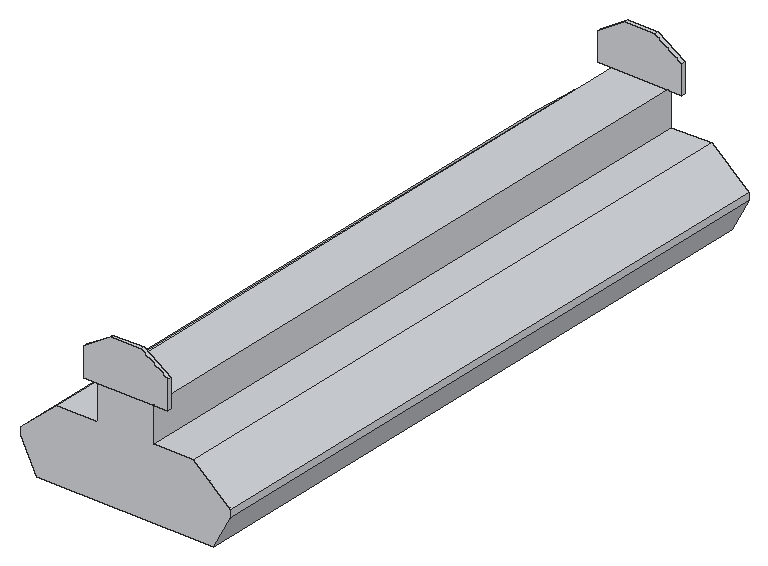
Revit family "SW-46 (Generic 2 Lamp)", category Generic Models, Revit 2015
Parameters
  Watts = ""
  Voltage = 0 V
  URL = "www.DetroitRadiant.com"
  Top Clearance = 0' - 0"
  Side Clearances = 0' - 0"
  Weight = "25 Pounds"
  Recommended Mounting Height = ""
  Model = "MW-46 (2 Lamp)"
  Material = ""
  Manufacturer = "Detroit Radiant Products Company"
  Length = 2' - 0"
  Heat Gain (BTU's) = ""
  Below Clearance = 0' - 0"
  Back Clearance = 0' - 0"
Reference planes (in)
  plane 1 "Center (Front/Back)": y = 0
  plane 2: z = 0
  plane 3 "Center (Left/Right)": x = 0
Forms (in)
  Extrusion 1, solid
    sketch origin (0, 0, 0) x (1, 0, 0) y (0, 0, 1)
      loop
        line (-3, 7.5) -> (3, 7.5) -> (3, 9.5) -> (1.05556, 10.75) -> (-1.05556, 10.75) -> (-3, 9.5) -> (-3, 7.5)
    from 0 to 0.25
  Extrusion 2, solid
    sketch origin (0, -45.75, 0) x (1, 0, 0) y (0, 0, 1)
      loop
        line (-3, 7.5) -> (3, 7.5) -> (3, 9.5) -> (1.05556, 10.75) -> (-1.05556, 10.75) -> (-3, 9.5) -> (-3, 7.5)
    from 0 to 0.25
  Extrusion 3, solid
    sketch origin (0, 0, 0) x (1, 0, 0) y (0, 0, 1)
      loop
        line (-2, 7.5) -> (-2, 5) -> (-4.875, 5) -> (-7.5, 2.75) -> (-7.5, 2.25) -> (-6.30365, 0) -> (6.30365, 0) -> (7.5, 2.25) -> (7.5, 2.75) -> (4.875, 5) -> (2, 5) -> (2, 7.5) -> (-2, 7.5)
    from 0 to 46
Lines and regions (in)
  model lines
    curve 1: line (2, 0, 5) -> (2, 0, 7.5)
    curve 2: line (-2, 0, 7.5) -> (-2, 0, 7.46429)
    curve 3: line (2, 0, 7.5) -> (3, 0, 7.5)
    curve 4: line (3, 0, 7.5) -> (3, 0, 9.5)
    curve 5: line (3, 0, 9.5) -> (1.05556, 0, 10.75)
    curve 6: line (1.05556, 0, 10.75) -> (0, 0, 10.75)
    curve 7: line (-2, 0, 7.5) -> (-3, 0, 7.5)
    curve 8: line (-3, 0, 7.5) -> (-3, 0, 9.5)
    curve 9: line (-3, 0, 9.5) -> (-1.05556, 0, 10.75)
    curve 10: line (-1.05556, 0, 10.75) -> (0, 0, 10.75)
    curve 11: line (0, 0, 0) -> (-6.30365, 0, 0)
    curve 12: line (-4.875, 0, 5) -> (-7.5, 0, 2.75)
    curve 13: line (-7.5, 0, 2.25) -> (-6.30365, 0, 0)
    curve 14: line (-7.5, 0, 2.75) -> (-7.5, 0, 2.25)
    curve 15: line (-2, 0, 5) -> (-4.875, 0, 5)
    curve 16: line (-2, 0, 5) -> (-2, 0, 7.5)
    curve 17: line (0, 0, 0) -> (6.30365, 0, 0)
    curve 18: line (4.875, 0, 5) -> (7.5, 0, 2.75)
    curve 19: line (7.5, 0, 2.25) -> (6.30365, 0, 0)
    curve 20: line (7.5, 0, 2.75) -> (7.5, 0, 2.25)
    curve 21: line (2, 0, 5) -> (4.875, 0, 5)
Dimensions and locks (in)
  aligned and locked: plane 2 to level
